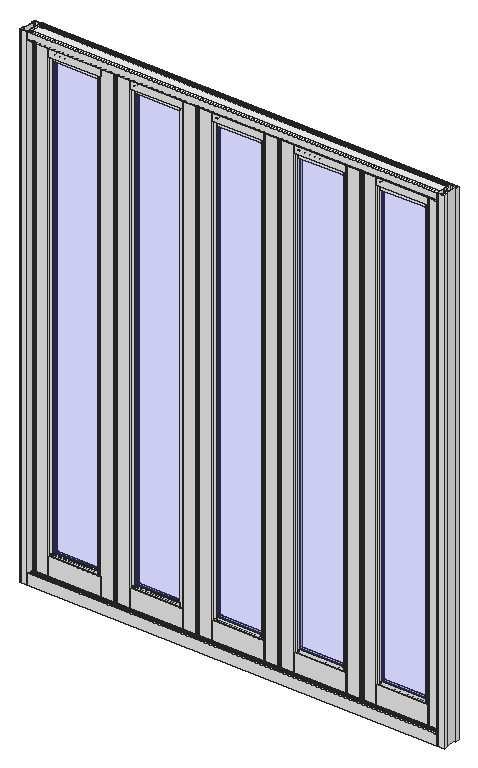
Revit family "Vistafold_Sliding_Folding_5_Custom", category Doors, host Wall, Revit 2014 (continued)
Definition of nested family "Vistafold_Sash_Insert_5_Cust"
  Definition of nested family "Vistafold_Sash_Head"
    Automatic sketch dimensions
      Extrusion 1 sketch curve to Extrusion 1 sketch curve = 1.4 mm  (x3)
      Extrusion 1 sketch curve to Extrusion 1 sketch curve = 0.4 mm  (x3)
      Extrusion 1 sketch curve to Extrusion 1 sketch curve = 1.3 mm
      Extrusion 1 sketch curve to Extrusion 1 sketch curve = 8.4 mm
      Extrusion 1 sketch curve to Extrusion 1 sketch curve = 3 mm
      Extrusion 1 sketch curve to Extrusion 1 sketch curve = 14 mm
      Extrusion 1 sketch curve to Extrusion 1 sketch curve = 1.5 mm
      Extrusion 1 sketch curve to Extrusion 1 sketch curve = 34.2 mm
      Extrusion 1 sketch curve to Extrusion 1 sketch curve = 2.596 mm
      Extrusion 1 sketch curve to Extrusion 1 sketch curve = 3.1 mm
      Extrusion 1 sketch curve to Extrusion 1 sketch curve = 4.914 mm
      Extrusion 1 sketch curve to Extrusion 1 sketch curve = 0.05 mm
      level to Extrusion 1 sketch curve = 192.735 mm
      Extrusion 1 sketch curve to Extrusion 1 sketch curve = 1.2 mm  (x2)
      Extrusion 1 sketch curve to Extrusion 1 sketch curve = 2.2 mm
      Extrusion 1 sketch curve to Extrusion 1 sketch curve = 0.7 mm
      Extrusion 1 sketch curve to Extrusion 1 sketch curve = 10.9 mm
      Extrusion 1 sketch curve to Extrusion 1 sketch curve = 0.975 mm  (x2)
      Extrusion 1 sketch curve to Extrusion 1 sketch curve = 1.106 mm
      Extrusion 1 sketch curve to Extrusion 1 sketch curve = 0.262 mm
      Extrusion 1 sketch curve to Extrusion 1 sketch curve = 0.694 mm
      Extrusion 1 sketch curve to Extrusion 1 sketch curve = 0.563 mm
      Extrusion 1 sketch curve to Extrusion 1 sketch curve = 1.363 mm
      Extrusion 1 sketch curve to Extrusion 1 sketch curve = 26.4 mm
      Extrusion 1 sketch curve to Extrusion 1 sketch curve = 2.92 mm
      Extrusion 1 sketch curve to Extrusion 1 sketch curve = 2.985 mm
      Extrusion 1 sketch curve to Extrusion 1 sketch curve = 0.963 mm
      Extrusion 1 sketch curve to Extrusion 1 sketch curve = 1.048 mm
      Extrusion 1 sketch curve to Extrusion 1 sketch curve = 12.367 mm
      Extrusion 1 sketch curve to Extrusion 1 sketch curve = 12.517 mm
      Extrusion 1 sketch curve to Extrusion 1 sketch curve = 1.6 mm  (x2)
      Extrusion 1 sketch curve to Extrusion 1 sketch curve = 2 mm  (x2)
  Definition of nested family "Vistafold_Sash_Sill"
    Parameters (values of type "Vistafold_Sash_Sill")
      Profile Material [instance] = none
      Length Sill [instance] = 250 mm
      Cutout Width = 15 mm  # constant formula
    Reference planes
      plane 1 "Center (Front/Back)": y = 0
      plane 2: z = 0
      plane 3 "Center (Left/Right)": x = 0
    Forms (mm)
      Extrusion 1, solid, material <- "Profile Material"
        sketch origin (0, 0, 0) x (0, 1, 0) y (0, 0, 1)
          loop
            line (7.791, 7.573) -> (9.591, 7.573) -> (9.591, 9.573) -> (12.691, 9.573) -> (12.691, 11.173) -> (9.581, 11.173) -> (9.581, 23.69) -> (10.091, 24.653) -> (10.091, 27.573) -> (49.486, 27.573) -> (49.486, 24.587) -> (50.041, 23.54) -> (50.041, 11.173) -> (46.891, 11.173) -> (46.891, 9.573) -> (49.991, 9.573) -> (49.991, 7.573) -> (51.791, 7.573) -> (51.791, 92.573) -> (41.786, 92.573) -> (41.786, 91.598) -> (43.286, 91.467) -> (43.286, 89.973) -> (24.786, 89.973) -> (24.786, 91.335) -> (27.786, 91.598) -> (27.786, 92.573) -> (14.586, 92.573) -> (14.586, 103.473) -> (14.186, 104.173) -> (14.186, 106.373) -> (15.486, 106.373) -> (15.486, 107.573) -> (12.786, 107.573) -> (12.786, 92.573) -> (7.791, 92.573) -> (7.791, 7.573)
          loop
            line (9.581, 90.773) -> (9.581, 29.373) -> (50, 29.373) -> (50, 90.773) -> (45.086, 90.773) -> (45.086, 89.573)
            arc (45.086, 89.573) -> (44.676, 88.583) -> (43.686, 88.173) r 1.4
            line (43.686, 88.173) -> (24.386, 88.173)
            arc (24.386, 88.173) -> (23.396, 88.583) -> (22.986, 89.573) r 1.4
            line (22.986, 89.573) -> (22.986, 90.773) -> (9.581, 90.773)
        from 0 to 250 <- "Length Sill"
      Extrusion 2, void
        sketch origin (0, 0, 0) x (1, 0, 0) y (0, 1, 0)
          loop
            line (0, 15.486) -> (0, 12.786) -> (15, 12.786) -> (15, 15.486) -> (0, 15.486)
          loop
            line (235, 15.486) -> (235, 12.786) -> (250, 12.786) -> (250, 15.486) -> (235, 15.486)
        from 0 to 250
    Cuts and joins
      Extrusion 2 cuts Extrusion 1
    Dimensions and locks
      "Cutout Width": Extrusion 1 to Extrusion 2 sketch curve
      "Cutout Width": Extrusion 2 sketch curve to Extrusion 1
      aligned and locked: level to plane 2
      aligned and locked: Extrusion 2 sketch curve to Extrusion 1  (x6)
    Automatic sketch dimensions
      Extrusion 1 sketch curve to plane 1 "Center (Front/Back)" = 7.791 mm
      Extrusion 1 sketch curve to Extrusion 1 sketch curve = 1.79 mm  (x3)
      Extrusion 1 sketch curve to Extrusion 1 sketch curve = 0.01 mm
      Extrusion 1 sketch curve to Extrusion 1 sketch curve = 0.51 mm
      Extrusion 1 sketch curve to Extrusion 1 sketch curve = 3.1 mm  (x2)
      Extrusion 1 sketch curve to plane 1 "Center (Front/Back)" = 12.786 mm
      Extrusion 1 sketch curve to Extrusion 1 sketch curve = 1.4 mm  (x3)
      Extrusion 1 sketch curve to Extrusion 1 sketch curve = 1.8 mm  (x4)
      Extrusion 1 sketch curve to Extrusion 1 sketch curve = 1.3 mm
      Extrusion 1 sketch curve to Extrusion 1 sketch curve = 8.4 mm
      Extrusion 1 sketch curve to Extrusion 1 sketch curve = 0.4 mm  (x3)
      Extrusion 1 sketch curve to Extrusion 1 sketch curve = 3 mm
      Extrusion 1 sketch curve to Extrusion 1 sketch curve = 14 mm
      Extrusion 1 sketch curve to Extrusion 1 sketch curve = 1.5 mm
      level to Extrusion 1 sketch curve = 9.573 mm
      Extrusion 1 sketch curve to Extrusion 1 sketch curve = 34.2 mm
      level to Extrusion 1 sketch curve = 24.587 mm
      Extrusion 1 sketch curve to Extrusion 1 sketch curve = 2.596 mm
      Extrusion 1 sketch curve to Extrusion 1 sketch curve = 4.914 mm
      level to Extrusion 1 sketch curve = 23.54 mm
      Extrusion 1 sketch curve to Extrusion 1 sketch curve = 0.554 mm
      level to Extrusion 1 sketch curve = 7.573 mm
      Extrusion 1 sketch curve to Extrusion 1 sketch curve = 2 mm  (x2)
      Extrusion 1 sketch curve to Extrusion 1 sketch curve = 1.6 mm  (x2)
      Extrusion 1 sketch curve to Extrusion 1 sketch curve = 12.517 mm
      Extrusion 1 sketch curve to Extrusion 1 sketch curve = 0.963 mm
      Extrusion 1 sketch curve to Extrusion 1 sketch curve = 2.92 mm
      Extrusion 1 sketch curve to Extrusion 1 sketch curve = 58.8 mm
      Extrusion 1 sketch curve to Extrusion 1 sketch curve = 1.2 mm  (x3)
      Extrusion 1 sketch curve to Extrusion 1 sketch curve = 1.363 mm
      Extrusion 1 sketch curve to Extrusion 1 sketch curve = 1.494 mm
      Extrusion 1 sketch curve to Extrusion 1 sketch curve = 0.131 mm
      Extrusion 1 sketch curve to Extrusion 1 sketch curve = 0.975 mm  (x2)
      Extrusion 1 sketch curve to Extrusion 1 sketch curve = 10.9 mm
      Extrusion 1 sketch curve to Extrusion 1 sketch curve = 0.7 mm
      Extrusion 1 sketch curve to Extrusion 1 sketch curve = 2.2 mm
  Definition of nested family "Vistafold_Angled_Glazing_Bead"
    Parameters (values of type "Vistafold_Angled_Glazing_Bead")
      Profile Material [instance] = none
      Bead Width [instance] = 1120 mm
      Bead Height [instance] = 1860 mm
    Reference planes
      plane 1 "Center (Front/Back)": y = 0
      plane 2: z = 0
      plane 3 "Center (Left/Right)": x = 0
    Forms (mm)
      Sweep 1, solid, material <- "Profile Material"
        path origin (0, 0, 0) x (1, 0, 0) y (0, 0, 1)
          loop
            line (0, 0) -> (1120, 0) -> (1120, 1860) -> (0, 1860) -> (0, 0)
        profile origin (560, 0, 0) x (0, 0, 1) y (0, -1, 0)
          loop
            line (7.999, 0.8) -> (7.999, 2.044) -> (10.199, 4.244) -> (12.521, 1.922) -> (11.399, 0.8) -> (10.599, 0.8) -> (10.599, 0) -> (14.999, 0) -> (14.999, 1) -> (0.793, 15.205) -> (0, 15.205) -> (0, 12.999) -> (-1.4, 12.999) -> (-1.4, 13.823)
            arc (-1.4, 13.823) -> (-2.107, 13.53) -> (-2.4, 12.823) r 1
            line (-2.4, 12.823) -> (-2.4, 11.899) -> (0.6, 11.899)
            arc (0.6, 11.899) -> (0.953, 12.045) -> (1.1, 12.399) r 0.5
            line (1.1, 12.399) -> (1.1, 13.343) -> (9.421, 5.022) -> (6.899, 2.5) -> (6.899, 1.1) -> (-1.6, 1.1)
            arc (-1.6, 1.1) -> (-2.165, 0.866) -> (-2.4, 0.3) r 0.8
            line (-2.4, 0.3) -> (-2.4, -2.5)
            arc (-2.4, -2.5) -> (-1.9, -3) -> (-1.4, -2.5) r 0.5
            line (-1.4, -2.5) -> (-1.4, 0) -> (8.799, 0) -> (8.799, 0.8) -> (7.999, 0.8)
    Dimensions and locks
      "Bead Width": Sweep 1 sketch curve to Sweep 1 sketch curve
      "Bead Height": Sweep 1 sketch curve to Sweep 1 sketch curve
      aligned and locked: level to plane 2
    Automatic sketch dimensions
      Sweep 1 sketch curve to plane 1 "Center (Front/Back)" = 0 mm  (x2)
      profile plane to Sweep 1 sketch curve = 0 mm
      profile plane to Sweep 1 sketch curve = 1.4 mm  (x2)
      Sweep 1 sketch curve to Sweep 1 sketch curve = 0.2 mm
      Sweep 1 sketch curve to Sweep 1 sketch curve = 0.5 mm  (x2)
      Sweep 1 sketch curve to Sweep 1 sketch curve = 1 mm  (x2)
      Sweep 1 sketch curve to profile plane = 0.6 mm
      Sweep 1 sketch curve to profile plane = 0.793 mm
      plane 1 "Center (Front/Back)" to Sweep 1 sketch curve = 1.1 mm
      Sweep 1 sketch curve to profile plane = 6.899 mm
      Sweep 1 sketch curve to Sweep 1 sketch curve = 1.1 mm
      Sweep 1 sketch curve to Sweep 1 sketch curve = 0.8 mm  (x2)
      Sweep 1 sketch curve to Sweep 1 sketch curve = 1.422 mm
      plane 1 "Center (Front/Back)" to Sweep 1 sketch curve = 4.244 mm
      Sweep 1 sketch curve to Sweep 1 sketch curve = 0.778 mm  (x2)
      Sweep 1 sketch curve to Sweep 1 sketch curve = 1.8 mm
      plane 1 "Center (Front/Back)" to Sweep 1 sketch curve = 1.922 mm
      Sweep 1 sketch curve to Sweep 1 sketch curve = 1.122 mm
      Sweep 1 sketch curve to Sweep 1 sketch curve = 2.5 mm
      plane 1 "Center (Front/Back)" to Sweep 1 sketch curve = 0.8 mm
      Sweep 1 sketch curve to Sweep 1 sketch curve = 0.456 mm
      Sweep 1 sketch curve to Sweep 1 sketch curve = 1.444 mm
      Sweep 1 sketch curve to Sweep 1 sketch curve = 0.924 mm
      Sweep 1 sketch curve to Sweep 1 sketch curve = 0.176 mm
      Sweep 1 sketch curve to Sweep 1 sketch curve = 1.862 mm
      Sweep 1 sketch curve to Sweep 1 sketch curve = 2.478 mm
      Sweep 1 sketch curve to plane 3 "Center (Left/Right)" = 0 mm
      Sweep 1 sketch curve to level = 0 mm
  Definition of nested family "Vistafold_Double_Glazing_Bead"
    Parameters (values of type "Vistafold_Double_Glazing_Bead")
      Profile Material [instance] = none
      Bead Width [instance] = 400 mm
      Bead Height [instance] = 500 mm
    Reference planes
      plane 1 "Center (Front/Back)": y = 0
      plane 2: z = 0
      plane 3 "Center (Left/Right)": x = 0
    Forms (mm)
      Sweep 1, solid, material <- "Profile Material"
        path origin (0, 0, 0) x (1, 0, 0) y (0, 0, 1)
          loop
            line (0, 0) -> (400, 0) -> (400, 500) -> (0, 500) -> (0, 0)
        profile origin (200, 0, 0) x (0, 0, 1) y (0, -1, 0)
          loop
            line (1.6, 21.9) -> (7.5, 21.9) -> (7.5, 18.8) -> (9.35, 18.8)
            arc (9.35, 18.8) -> (9.75, 19.2) -> (9.35, 19.6) r 0.4
            line (9.35, 19.6) -> (8.55, 19.6) -> (8.55, 21.9) -> (13.95, 21.9) -> (13.95, 19.6) -> (13.15, 19.6)
            arc (13.15, 19.6) -> (12.75, 19.2) -> (13.15, 18.8) r 0.4
            line (13.15, 18.8) -> (15, 18.8) -> (15, 23.5) -> (0, 23.5) -> (0, 15.9) -> (-1.387, 15.9) -> (-1.387, 16.7)
            arc (-1.387, 16.7) -> (-2.102, 16.411) -> (-2.4, 15.7) r 1
            line (-2.4, 15.7) -> (-2.4, 0.5)
            arc (-2.4, 0.5) -> (-1.9, 0) -> (-1.4, 0.5) r 0.5
            line (-1.4, 0.5) -> (-1.4, 3.5) -> (-0.4, 3.5) -> (-0.4, 14.5) -> (1.6, 14.5) -> (1.6, 21.9)
    Lines and regions (mm)
      model lines, style "GenericModel"
        curve 1: line (15, -23.5, 485) -> (15, -23.5, 500)
        curve 2: line (385, -23.5, 485) -> (385, -23.5, 500)
        curve 3: line (15, -23.5, 15) -> (15, -23.5, 0)
        curve 4: line (385, -23.5, 15) -> (385, -23.5, 0)
    Dimensions and locks
      "Bead Width": Sweep 1 sketch curve to Sweep 1 sketch curve
      "Bead Height": Sweep 1 sketch curve to Sweep 1 sketch curve
      aligned and locked: level to plane 2
      aligned and locked: curve 4 to Sweep 1
      aligned and locked: Sweep 1 to curve 3
      aligned and locked: curve 1 to Sweep 1
      aligned and locked: Sweep 1 to curve 2
    Automatic sketch dimensions
      profile plane to Sweep 1 sketch curve = 2.4 mm
      Sweep 1 sketch curve to Sweep 1 sketch curve = 0.5 mm
      Sweep 1 sketch curve to Sweep 1 sketch curve = 1 mm  (x2)
      Sweep 1 sketch curve to Sweep 1 sketch curve = 0.012 mm
      Sweep 1 sketch curve to Sweep 1 sketch curve = 1.387 mm
      Sweep 1 sketch curve to Sweep 1 sketch curve = 1.6 mm  (x2)
      Sweep 1 sketch curve to Sweep 1 sketch curve = 5.9 mm
      Sweep 1 sketch curve to Sweep 1 sketch curve = 1.05 mm  (x2)
      Sweep 1 sketch curve to Sweep 1 sketch curve = 0.8 mm  (x2)
      Sweep 1 sketch curve to Sweep 1 sketch curve = 3.8 mm
      Sweep 1 sketch curve to Sweep 1 sketch curve = 3 mm
      Sweep 1 sketch curve to Sweep 1 sketch curve = 11 mm
      Sweep 1 sketch curve to Sweep 1 sketch curve = 1.2 mm
      Sweep 1 sketch curve to Sweep 1 sketch curve = 0.2 mm
      Sweep 1 sketch curve to Sweep 1 sketch curve = 4.3 mm
      Sweep 1 sketch curve to Sweep 1 sketch curve = 0 mm  (x2)
      Sweep 1 sketch curve to Sweep 1 sketch curve = 0.4 mm  (x2)
      Sweep 1 sketch curve to Sweep 1 sketch curve = 2.3 mm
      plane 1 "Center (Front/Back)" to Sweep 1 sketch curve = 0.5 mm
      curve 1 to Sweep 1 = 0 mm  (x2)
      curve 3 to Sweep 1 = 0 mm
      Sweep 1 to curve 3 = 0 mm
      curve 2 to Sweep 1 = 0 mm  (x2)
      curve 4 to Sweep 1 = 0 mm  (x2)
      Sweep 1 sketch curve to plane 3 "Center (Left/Right)" = 0 mm
      Sweep 1 sketch curve to level = 0 mm
Definition of nested family "Vistafold_Single_Glazing_Sliding_Folding_5_Cust"
  Parameters (values of type "Single_Glazing_Sliding_Folding")
    Right Hinged [instance] = yes
    Length Arrow Down [instance] = Length Arrow / 2  # 133.233 mm
    Left Hinged [instance] = yes
    Half Height [instance] = Glazing Height / 2  # 750 mm
    Glazing Width [instance] = 900 mm
    Glazing Height [instance] = 1500 mm
    Right Sliding Folding [instance] = yes
    Length Arrow Tip [instance] = if((Glazing Height - (2 * 50.3 mm)) / 8 > Length Arrow / 3.3, Length Arrow / 3.3, (Glazing Height - (2 * 50.3 mm)) / 8)  # 80.747 mm
    Length Arrow [instance] = (Glazing Width - (2 * 50.3 mm)) / 3  # 266.467 mm
    Left Sliding Folding [instance] = yes
    Is Sliding Folding [instance] = if(or(Right Sliding Folding, Left Sliding Folding), 1 = 1, 1 = 2)  # yes
    Glazing Thickness SG [instance] = 4 mm
    Glazing Material [instance] = Glass
    Glazing Bead Gap = 19.1 mm  # constant formula
    Double Glazing Gasket Material [instance] = none
    Arrow Tip Length [instance] = if((Glazing Height - (2 * 50.3 mm)) / 8 > Length Arrow / 3.3, Length Arrow / 3.3, (Glazing Height - (2 * 50.3 mm)) / 8)  # 80.747 mm
    Arrow Left Gap [instance] = (Glazing Width - Length Arrow) / 2  # 316.767 mm
    Arrow Bottom Gap [instance] = (Glazing Height / 2) + (Length Arrow Down / 2)  # 816.617 mm
  Reference planes
    plane 1 "Center (Front/Back)": y = 0
    plane 2: z = 0
    plane 3 "Center (Left/Right)": x = 0
  Forms (mm)
    Extrusion 1, solid, material "Glass" <- "Glazing Material"
      sketch origin (0, 0, 0) x (1, 0, 0) y (0, 0, 1)
        loop
          line (0, 0) -> (0, 1500) -> (-900, 1500) -> (-900, 0) -> (0, 0)
      from 0 to 4 <- "Glazing Thickness SG"
  Lines and regions (mm)
    model lines, style "GenericModelHiddenLines", visible <- "Left Hinged"
      curve 1: line (-880.9, -4, 1480.9) -> (-19.1, -4, 750)
      curve 2: line (-19.1, -4, 750) -> (-880.9, -4, 19.1)
    model lines, style "GenericModelHiddenLines", visible <- "Right Hinged"
      curve 3: line (-19.1, -4, 1480.9) -> (-880.9, -4, 750)
      curve 4: line (-880.9, -4, 750) -> (-19.1, -4, 19.1)
    model lines, style "GenericModel", visible <- "Left Sliding Folding"
      curve 5: line (-583.233, -4, 735.869) -> (-583.233, -4, 816.617)
      curve 6: line (-583.233, -4, 816.617) -> (-502.486, -4, 816.617)
    model lines, style "GenericModel", visible <- "Right Sliding Folding"
      curve 7: line (-397.514, -4, 816.617) -> (-316.767, -4, 816.617)
      curve 8: line (-316.767, -4, 816.617) -> (-316.767, -4, 735.869)
    model lines, style "GenericModel", visible <- "Is Sliding Folding"
      curve 9: line (-583.233, -4, 816.617) -> (-450, -4, 683.383)
      curve 10: line (-450, -4, 683.383) -> (-316.767, -4, 816.617)
  Dimensions and locks
    "Glazing Width": plane 3 "Center (Left/Right)" to Extrusion 1 sketch curve
    "Glazing Height": Extrusion 1 sketch curve to level
    "Glazing Bead Gap": curve 2 to Extrusion 1
    "Glazing Bead Gap": Extrusion 1 to curve 2  (x2)
    "Glazing Bead Gap": Extrusion 1 to curve 4  (x2)
    "Glazing Bead Gap": curve 4 to Extrusion 1
    "Glazing Bead Gap": Extrusion 1 to curve 3  (x2)
    "Glazing Bead Gap": Extrusion 1 to curve 1  (x2)
    "Half Height": curve 4 to Extrusion 1
    "Half Height": curve 2 to Extrusion 1
    "Arrow Left Gap": Extrusion 1 to curve 5
    "Arrow Left Gap": Extrusion 1 to curve 8
    "Arrow Bottom Gap": curve 7 to Extrusion 1
    "Arrow Bottom Gap": curve 6 to Extrusion 1
    equal spacing: curve 8, curve 10, curve 5
    "Length Arrow Down": curve 6 to curve 10
    "Length Arrow Tip": curve 6 to curve 5  (x2)
    "Length Arrow Tip": curve 7 to curve 8  (x2)
    aligned and locked: level to plane 2
    aligned and locked: Extrusion 1 sketch curve to plane 3 "Center (Left/Right)"
    aligned and locked: level to Extrusion 1 sketch curve
